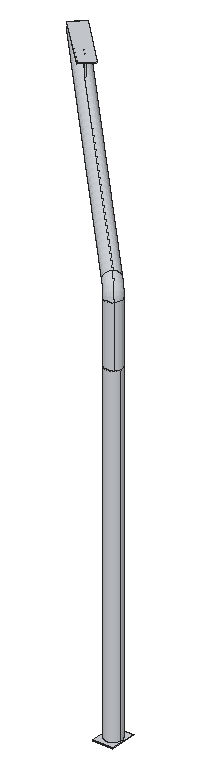
Revit family "Кронштейн_под столб 60х80", category Специальное оборудование, Revit 2019
Family settings
  Размер круглого соединителя = Использовать диаметр
  Тип детали = Нормальный
  На основе рабочей плоскости = Нет
  Всегда вертикально = Да
  При загрузке вырезать с полостями = Нет
  Общий = Нет
  Точка расчета площади = Нет
Parameters (values of type "Кронштейн_под столб 60х80х4")
  Ширина столба = 60 mm
  Толщина стенки столба = 4 mm
  Таблица = "Таблица кронштейнов"  # constant formula
  Скрыть добор [instance] = not(Добор высоты = 0 mm)  # yes
  Угловой [instance] = yes
  Поворот число [instance] = if(Угловой, 1, 0)  # 1
  Поворот на 90гр [instance] = yes
  Поворот [instance] = if(Угловой, 45.00°, 90.00°)  # 45.00°
  Добор высоты [instance] = if(not(Высота кронштейна > 0 mm), 10 mm, Высота кронштейна - 500 mm)  # 1000 mm
  Глубина столба = 80 mm
  Высота кронштейна [instance] = 1500 mm
  URL = "https://www.fensys.ru/produkciya/elementy-usileniya.html"
  ADSK_Наименование [instance] = size_lookup(Таблица, "", "Не найден кронштейн, проверьте параметры", Ширина столба, Глубина столба, Поворот число, Толщина стенки столба, Высота кронштейна)  # "Кронштейн для крепления элементов систем ТСО, Г-образный (угловой), под профиль 60х80х4, высота 1500 мм над уровнем ограждения"
  ADSK_Комплект [instance] = "Кронштейн"  # constant formula
  ADSK_Код изделия [instance] = size_lookup(Таблица, "ADSK_Код изделия", "Не найден кронштейн, проверьте параметры", Ширина столба, Глубина столба, Поворот число, Толщина стенки столба, Высота кронштейна)  # "8797S4"
  ADSK_Завод-изготовитель = "FENSYS"  # constant formula
  ADSK_Единица измерения = "шт"  # constant formula
Types (3, lengths in mm): name | Толщина стенки столба | URL | ADSK_Наименование | ADSK_Код изделия
  Кронштейн_под столб 60х80х2 | 4 | "https://www.fensys.ru/produkciya/elementy-usileniya.html" | "Кронштейн для крепления элементов систем ТСО, Г-образный (угловой), под профиль 60х80х4, высота 1500 мм над уровнем ограждения" | "8797S4"
  Кронштейн_под столб 60х80х3 | 3 | 0 | "Кронштейн для крепления элементов систем ТСО, Г-образный (угловой), под профиль 60х80х3, высота 1500 мм над уровнем ограждения" | "8797S3"
  Кронштейн_под столб 60х80х4 | 4 | "https://www.fensys.ru/produkciya/elementy-usileniya.html" | "Кронштейн для крепления элементов систем ТСО, Г-образный (угловой), под профиль 60х80х4, высота 1500 мм над уровнем ограждения" | "8797S4"
Reference planes
  plane 1 "По центру (Вперед/Назад)": y = 0
  plane 2: z = 0
  plane 3 "По центру (Влево/Вправо)": x = 0
  plane 4: z = 1000
  plane 5: x = 30
  plane 6: y = -40
  plane 7: x = -30
  plane 8: y = 40
Forms (mm)
  Extrusion 1, solid
    sketch origin (0, 0, 0) x (1, 0, 0) y (0, 1, 0)
      loop
        circle (0, 0) r 24
    from -1 to 1000
  Extrusion 2, solid
    sketch origin (0, 0, 0) x (1, 0, 0) y (0, 1, 0)
      loop
        line (-30, 40) -> (-30, -40) -> (30, -40) -> (30, 40) -> (-30, 40)
    from 0 to 2
Cuts and joins
  joined: Extrusion 1, Extrusion 2
Dimensions and locks
  "Высота кронштейна": nested 1 to level
  "Добор высоты": plane 4 to level
  equal spacing: plane 6, plane 1 "По центру (Вперед/Назад)", plane 8
  equal spacing: plane 7, plane 3 "По центру (Влево/Вправо)", plane 5
  "Глубина столба": plane 6 to plane 8
  "Ширина столба": plane 7 to plane 5
  "Поворот": angle nested 1 to plane 1 "По центру (Вперед/Назад)"
  aligned and locked: level to plane 2
  aligned and locked: plane 4 to Extrusion 1
  aligned and locked: plane 5 to Extrusion 2
  aligned and locked: plane 8 to Extrusion 2
  aligned and locked: plane 7 to Extrusion 2
  aligned and locked: plane 6 to Extrusion 2
Automatic sketch dimensions
  plane 1 "По центру (Вперед/Назад)" to Extrusion 1 sketch curve = 0 mm
  Extrusion 1 sketch curve to plane 3 "По центру (Влево/Вправо)" = 0 mm
  Extrusion 2 sketch curve to plane 3 "По центру (Влево/Вправо)" = 30 mm
  plane 3 "По центру (Влево/Вправо)" to Extrusion 2 sketch curve = 30 mm
  plane 1 "По центру (Вперед/Назад)" to Extrusion 2 sketch curve = 40 mm
  Extrusion 2 sketch curve to Extrusion 2 sketch curve = 80 mm
  radius of Extrusion 1 sketch curve = 24 mm
Nested families
  nested 1: "В_Кронштейн_верх" at (0, 0, 1000) x (-0.7071, 0.7071, 0) z (0, 0, 1), type "В_Кронштейн_верх"
  nested 2: "В_Метизы_Кронштейн" at (10, -10, 0), Ширина столба <- "Ширина столба", type "Метизы"
    with Ширина столба 60 mm, ADSK_Наименование "Комплект метизов Б для крепления скобы под столб 60х60/40х60 (Болт М8х90  DIN 603 оц. - 4 шт., Шайба D8 DIN 125 оц. - 4 шт.,Шайба 8 DIN 127 оц.,- 4 шт.  Гайка М8 8.8 DIN 934 оц. - 4 шт.)", ADSK_Комплект "Кронштейн", ADSK_Количество 1, ADSK_Код изделия "8922"
Definition of nested family "В_Кронштейн_верх"
  Parameters
    Ширина столба = 80 mm
    Глубина столба = 80 mm
    Высота кронштейна = 500 mm
  Reference planes
    plane 1 "По центру (Вперед/Назад)": y = 0
    plane 2: z = 0
    plane 3 "По центру (Влево/Вправо)": x = 0
    plane 4: x = -40
    plane 5: x = 40
    plane 6: y = 40
    plane 7: y = -40
  Forms (mm)
    Sweep 1, solid
      path origin (0, 0, -483.03) x (1, 0, 0) y (0, 0, 1)
        loop
          line (0, 483.03) -> (0, 666.468)
          arc (0, 666.468) -> (7.435, 689.696) -> (26.977, 704.289) r 40
          line (26.977, 704.289) -> (770.598, 960.338)
      profile origin (398.787, 0, 349.283) x (-0.325568, 0, 0.945519) y (0, -1, 0)
        loop
          circle (0, 0) r 24
    Extrusion 2, solid
      sketch origin (0, 0, 0) x (1, 0, 0) y (0, 0, 1)
        loop
          line (762.784, 500) -> (562.784, 500) -> (562.784, 498.016) -> (762.784, 498.016) -> (762.784, 500)
      from -23.813 to 24.047
    Extrusion 3, solid
      sketch origin (0, 0, 0) x (1, 0, 0) y (0, 0, 1)
        loop
          line (757.736, 498.016) -> (597.085, 498.016) -> (597.085, 442.699) -> (757.736, 498.016)
      from -1 to 1
  Cuts and joins
    joined: Sweep 1, Extrusion 2, Extrusion 3
  Dimensions and locks
    equal spacing: plane 4, plane 3 "По центру (Влево/Вправо)", plane 5
    "Ширина столба": plane 4 to plane 5
    equal spacing: plane 7, plane 1 "По центру (Вперед/Назад)", plane 6
    "Глубина столба": plane 7 to plane 6
    Sweep 1 sketch curve to level = 183.438 mm
    aligned and locked: level to plane 2
  Automatic sketch dimensions
    plane 1 "По центру (Вперед/Назад)" to Sweep 1 sketch curve = 0 mm
    Sweep 1 sketch curve to profile plane = 0 mm
    Sweep 1 sketch curve to plane 3 "По центру (Влево/Вправо)" = 0 mm
    Sweep 1 sketch curve to plane 5 = 0 mm
    level to Sweep 1 sketch curve = 0 mm
    Sweep 1 sketch curve to plane 5 = 13.023 mm
    plane 5 to Sweep 1 sketch curve = 730.598 mm
    level to Sweep 1 sketch curve = 477.308 mm
    plane 5 to Extrusion 2 sketch curve = 522.784 mm
    level to Extrusion 2 sketch curve = 498.016 mm
    Extrusion 2 sketch curve to Extrusion 2 sketch curve = 1.984 mm
    Extrusion 2 sketch curve to Extrusion 2 sketch curve = 200 mm
    plane 5 to Extrusion 3 sketch curve = 557.085 mm
    level to Extrusion 3 sketch curve = 498.016 mm
    Extrusion 3 sketch curve to Extrusion 3 sketch curve = 160.651 mm
    Extrusion 3 sketch curve to Extrusion 3 sketch curve = 55.316 mm
    radius of Sweep 1 sketch curve = 24 mm
Definition of nested family "В_Метизы_Кронштейн"
  Parameters (values of type "Метизы")
    Ширина столба [instance] = 60 mm
    Manufacturer = [ADSK_Завод-изготовитель]  # "FENSYS"
    URL = "https://www.fensys.ru/produkciya/elementy-usileniya.html"
    ADSK_Наименование [instance] = if(Ширина столба = 60 mm, "Комплект метизов Б для крепления скобы под столб 60х60/40х60 (Болт М8х90  DIN 603 оц. - 4 шт., Шайба D8 DIN 125 оц. - 4 шт.,Шайба 8 DIN 127 оц.,- 4 шт.  Гайка М8 8.8 DIN 934 оц. - 4 шт.)", "Комплект метизов Б для крепления скобы под столб 60х80/80х80/40х80 (Болт М8х110 DIN603 оц. - 4 шт., Гайка М8 8.8 DIN 934 оц. - 4 шт., Шайба D8 DIN 125 оц. - 4 шт.,Шайба 8 DIN 127 оц. - 4 шт.  )")  # "Комплект метизов Б для крепления скобы под столб 60х60/40х60 (Болт М8х90  DIN 603 оц. - 4 шт., Шайба D8 DIN 125 оц. - 4 шт.,Шайба 8 DIN 127 оц.,- 4 шт.  Гайка М8 8.8 DIN 934 оц. - 4 шт.)"
    ADSK_Комплект [instance] = "Кронштейн"
    ADSK_Количество [instance] = 1  # constant formula
    ADSK_Код изделия [instance] = if(Ширина столба = 60 mm, "8922", "8921")  # "8922"
    ADSK_Завод-изготовитель = "FENSYS"  # constant formula
    ADSK_Единица измерения = "шт."  # constant formula
  Reference planes
    plane 1 "По центру (Вперед/Назад)": y = 0
    plane 2: z = 0
    plane 3 "По центру (Влево/Вправо)": x = 0
    plane 4: z = 0
  Lines and regions (mm)
    reference lines
      curve 1: circle (0, 0, 0) r 0.299 normal (0, -1, 0)
    model lines
      curve 2: circle (0, 0, 0) r 0.3 normal (0, -1, 0)
  Dimensions and locks
    aligned and locked: level to plane 2
